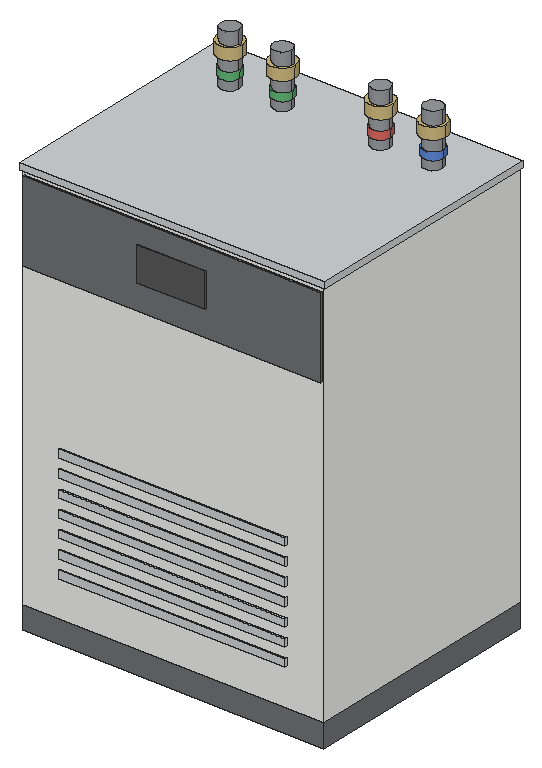
Revit family "CVC_PAC_Weishaupt_WWP-S-35-IDR", category Equipement de génie climatique, Revit 2026
Family settings
  Cote de connecteur circulaire = Utiliser le diamètre
  Type d'élément = Normal
  Basée sur le plan de construction = Non
  Toujours verticalement = Oui
  Couper avec des vides une fois chargée = Non
  Conserver l'orientation des annotations = Non
  Partagée = Non
  Repère de localisation dans la pièce = Non
Parameters (values of type "35 kW")
  Source = "CCTP lot 12 § 4.6"
  Modèle = "WWP S 35 IDR"
  Fabricant = "Weishaupt"
  Elévation par défaut = 0 mm
  Description = "Pompe à chaleur géothermique"
  Caractéristiques CCTP = "35 kW chaud, 40 kW froid, eau glycolée/eau, réversible ; 2 unités"
  A vérifier = "Dimensions APPROXIMATIVES (800x650x1100 mm) : aucune donnée fabricant trouvée"
Reference planes
  plane 1 "Centre (avant/arrière)": y = 0
  plane 2: z = 0
  plane 3 "Centre (gauche/droite)": x = 0
Forms (mm)
  Extrusion 1, solid, material "EHPAD_anthracite"
    sketch origin (0, 0, 0) x (1, 0, 0) y (0, 1, 0)
      loop
        line (-400, -325) -> (400, -325) -> (400, 325) -> (-400, 325) -> (-400, -325)
    from 0 to 60
  Extrusion 2, solid, material "EHPAD_blanc"
    sketch origin (0, 0, 60) x (1, 0, 0) y (0, 1, 0)
      loop
        line (-400, -325) -> (400, -325) -> (400, 325) -> (-400, 325) -> (-400, -325)
    from 0 to 1035
  Extrusion 3, solid, material "EHPAD_gris"
    sketch origin (0, 0, 1095) x (1, 0, 0) y (0, 1, 0)
      loop
        line (-404, -329) -> (404, -329) -> (404, 329) -> (-404, 329) -> (-404, -329)
    from 0 to 17
  Extrusion 4, solid, material "EHPAD_anthracite"
    sketch origin (0, 0, 870) x (1, 0, 0) y (0, 1, 0)
      loop
        line (-395, -331) -> (395, -331) -> (395, -325) -> (-395, -325) -> (-395, -331)
    from 0 to 215
  Extrusion 5, solid, material "EHPAD_noir"
    sketch origin (0, 0, 940) x (1, 0, 0) y (0, 1, 0)
      loop
        line (-90, -334) -> (90, -334) -> (90, -331) -> (-90, -331) -> (-90, -334)
    from 0 to 90
  Extrusion 6, solid, material "EHPAD_gris"
    sketch origin (0, 0, 160) x (1, 0, 0) y (0, 1, 0)
      loop
        line (-300, -330) -> (300, -330) -> (300, -325) -> (-300, -325) -> (-300, -330)
    from 0 to 20
  Extrusion 7, solid, material "EHPAD_gris"
    sketch origin (0, 0, 208) x (1, 0, 0) y (0, 1, 0)
      loop
        line (-300, -330) -> (300, -330) -> (300, -325) -> (-300, -325) -> (-300, -330)
    from 0 to 20
  Extrusion 8, solid, material "EHPAD_gris"
    sketch origin (0, 0, 256) x (1, 0, 0) y (0, 1, 0)
      loop
        line (-300, -330) -> (300, -330) -> (300, -325) -> (-300, -325) -> (-300, -330)
    from 0 to 20
  Extrusion 9, solid, material "EHPAD_gris"
    sketch origin (0, 0, 304) x (1, 0, 0) y (0, 1, 0)
      loop
        line (-300, -330) -> (300, -330) -> (300, -325) -> (-300, -325) -> (-300, -330)
    from 0 to 20
  Extrusion 10, solid, material "EHPAD_gris"
    sketch origin (0, 0, 352) x (1, 0, 0) y (0, 1, 0)
      loop
        line (-300, -330) -> (300, -330) -> (300, -325) -> (-300, -325) -> (-300, -330)
    from 0 to 20
  Extrusion 11, solid, material "EHPAD_gris"
    sketch origin (0, 0, 400) x (1, 0, 0) y (0, 1, 0)
      loop
        line (-300, -330) -> (300, -330) -> (300, -325) -> (-300, -325) -> (-300, -330)
    from 0 to 20
  Extrusion 12, solid, material "EHPAD_gris"
    sketch origin (0, 0, 448) x (1, 0, 0) y (0, 1, 0)
      loop
        line (-300, -330) -> (300, -330) -> (300, -325) -> (-300, -325) -> (-300, -330)
    from 0 to 20
  Extrusion 13, solid, material "EHPAD_acier"
    sketch origin (-270, 200, 1112) x (1, 0, 0) y (0, 1, 0)
      loop
        circle (0, 0) r 24.15
    from 0 to 140
  Extrusion 14, solid, material "EHPAD_glycol"
    sketch origin (-270, 200, 1137.2) x (1, 0, 0) y (0, 1, 0)
      loop
        circle (0, 0) r 27.15
    from 0 to 19.6
  Extrusion 15, solid, material "EHPAD_laiton"
    sketch origin (-270, 200, 1189) x (1, 0, 0) y (0, 1, 0)
      loop
        circle (0, 0) r 33.395
    from 0 to 30
  Extrusion 16, solid, material "EHPAD_acier"
    sketch origin (-130, 200, 1112) x (1, 0, 0) y (0, 1, 0)
      loop
        circle (0, 0) r 24.15
    from 0 to 140
  Extrusion 17, solid, material "EHPAD_glycol"
    sketch origin (-130, 200, 1137.2) x (1, 0, 0) y (0, 1, 0)
      loop
        circle (0, 0) r 27.15
    from 0 to 19.6
  Extrusion 18, solid, material "EHPAD_laiton"
    sketch origin (-130, 200, 1189) x (1, 0, 0) y (0, 1, 0)
      loop
        circle (0, 0) r 33.395
    from 0 to 30
  Extrusion 19, solid, material "EHPAD_acier"
    sketch origin (130, 200, 1112) x (1, 0, 0) y (0, 1, 0)
      loop
        circle (0, 0) r 24.15
    from 0 to 140
  Extrusion 20, solid, material "EHPAD_chaud"
    sketch origin (130, 200, 1137.2) x (1, 0, 0) y (0, 1, 0)
      loop
        circle (0, 0) r 27.15
    from 0 to 19.6
  Extrusion 21, solid, material "EHPAD_laiton"
    sketch origin (130, 200, 1189) x (1, 0, 0) y (0, 1, 0)
      loop
        circle (0, 0) r 33.395
    from 0 to 30
  Extrusion 22, solid, material "EHPAD_acier"
    sketch origin (270, 200, 1112) x (1, 0, 0) y (0, 1, 0)
      loop
        circle (0, 0) r 24.15
    from 0 to 140
  Extrusion 23, solid, material "EHPAD_froid"
    sketch origin (270, 200, 1137.2) x (1, 0, 0) y (0, 1, 0)
      loop
        circle (0, 0) r 27.15
    from 0 to 19.6
  Extrusion 24, solid, material "EHPAD_laiton"
    sketch origin (270, 200, 1189) x (1, 0, 0) y (0, 1, 0)
      loop
        circle (0, 0) r 33.395
    from 0 to 30
Dimensions and locks
  aligned and locked: level to plane 2
Connectors
  piping at (-270, 200, 1252), diameter 40
    settings: on Extrusion 13, index 1, connector inside diameter 609.6 mm, connector length 0 mm, flow factor 0, pipe flow 0.0 L/s, pressure drop 0.0 Pa, fitting loss kfactor 0, connector angle 0.00°, fixture units 0, engagement length 0 mm, angle of deflection 0.00°, flow configuration 0, flow direction 0, fitting loss method 0, system type 22, joint type 0, gender type 0, connector reference index -1, connector utility 0, adjustable connector no, is connector primary yes, connector description "Captage entrée (eau glycolée)"
  piping at (-130, 200, 1252), diameter 40
    settings: on Extrusion 16, index 2, connector inside diameter 609.6 mm, connector length 0 mm, flow factor 0, pipe flow 0.0 L/s, pressure drop 0.0 Pa, fitting loss kfactor 0, connector angle 0.00°, fixture units 0, engagement length 0 mm, angle of deflection 0.00°, flow configuration 0, flow direction 0, fitting loss method 0, system type 22, joint type 0, gender type 0, connector reference index -1, connector utility 0, adjustable connector no, is connector primary no, connector description "Captage sortie (eau glycolée)"
  piping at (130, 200, 1252), diameter 40
    settings: on Extrusion 19, index 3, connector inside diameter 609.6 mm, connector length 0 mm, flow factor 0, pipe flow 0.0 L/s, pressure drop 0.0 Pa, fitting loss kfactor 0, connector angle 0.00°, fixture units 0, engagement length 0 mm, angle of deflection 0.00°, flow configuration 0, flow direction 0, fitting loss method 0, system type 7, joint type 0, gender type 0, connector reference index -1, connector utility 0, adjustable connector no, is connector primary no, connector description "Départ chauffage / rafraîchissement"
  piping at (270, 200, 1252), diameter 40
    settings: on Extrusion 22, index 4, connector inside diameter 609.6 mm, connector length 0 mm, flow factor 0, pipe flow 0.0 L/s, pressure drop 0.0 Pa, fitting loss kfactor 0, connector angle 0.00°, fixture units 0, engagement length 0 mm, angle of deflection 0.00°, flow configuration 0, flow direction 0, fitting loss method 0, system type 8, joint type 0, gender type 0, connector reference index -1, connector utility 0, adjustable connector no, is connector primary no, connector description "Retour chauffage / rafraîchissement"
